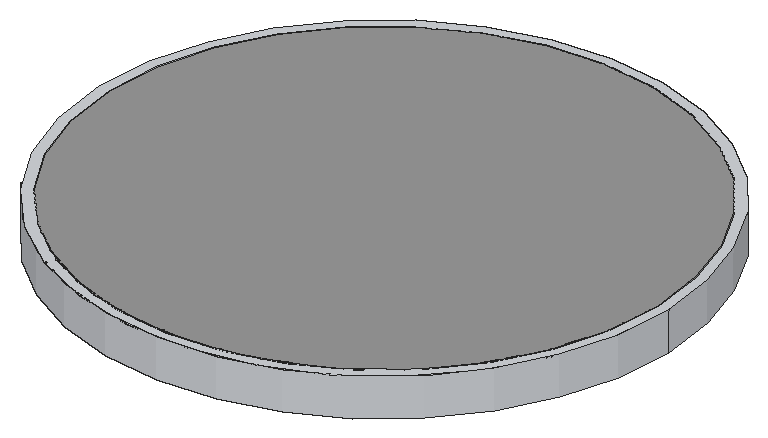
Revit family "2071246", category Lighting Fixtures, host Face, Revit 2018
Family settings
  Host = Face
  Round Connector Dimension = Use Diameter
  Part Type = Normal
  OmniClass Number = 23.80.70.00
  OmniClass Title = Lighting
  Cut with Voids When Loaded = No
  Light Source = Yes
  Shared = No
  Room Calculation Point = No
Parameters (values of type "2071246 COLOSSAL 900 840 PR DIR WHT DALI EM")
  iner diameter = 856 mm
  Weight = "n/a"
  Wattage Comments = ""
  Wattage = 30 W
  WarrantyStartDate [instance] = "n/a"
  WarrantyGuarantorParts = "n/a"
  WarrantyDurationUnit = "n/a"
  WarrantyDurationParts = ""
  WarrantyDescription = "http://www.sylvania-lighting.com"
  built-in parameter 1150110 = 1 (stored number, unit not read)
  Voltage = 230 V
  URL = "0.99"
  TypeName = "COLOSSAL 900mm 840 PRISM DIR WHITE DALI EM"
  Type Image = <None>
  Type Comments = "n/a"
  built-in parameter 1114217 = 1 (stored number, unit not read)
  Tilt Angle = -90.00°
  built-in parameter 1150109 = 1 (stored number, unit not read)
  built-in parameter 1150134 = (empty or 0)
  built-in parameter 1150113 = 1 (stored number, unit not read)
  SerialNumber [instance] = "n/a"
  Photometric Web File = "2071246.ies"
  Material_3_SYL = LED-Sylvania
  PowerFactor = 0
  PowerConsumption = "Lighting"
  NominalLength = 888 mm
  NominalHeight = 93 mm
  NominalDepth = 888 mm
  Name = "COLOSSAL 900mm 840 PRISM DIR WHITE DALI EM"
  ModelReference = Name  # "COLOSSAL 900mm 840 PRISM DIR WHITE DALI EM"
  ModelNumber = "2071246"
  Model = Name  # "COLOSSAL 900mm 840 PRISM DIR WHITE DALI EM"
  Material = "Feilo Sylvania"
  ManufacturerName = "136 lm/W"
  Manufacturer = ""
  LuminousEfficacy = ""
  built-in parameter 1150105 = 270.44 (stored number, unit not read)
  Lumens = 3398.4 lm
  LuminaireType = "0"
  built-in parameter 1150115 = 1 (stored number, unit not read)
  LightOutputRatio = "LED"
  built-in parameter 1150137 = (empty or 0)
  built-in parameter 1150139 = (empty or 0)
  LampsType = Lamp  # "n/a"
  LampNominalLuminous = "4000 K"
  LampMacAdamStep = "80"
  LampColourTemperature = "LED"
  LampColourRenderingIndex = "16500"
  built-in parameter 1150112 = 1 (stored number, unit not read)
  built-in parameter 1150114 = 1 (stored number, unit not read)
  Lamp = "n/a"
  Keynote = "n/a"
  InstallationDate [instance] = "n/a"
  InputVoltage = "0"
  InputNominalFrequency = "4000"
  built-in parameter 1150132 = (empty or 0)
  built-in parameter 1150102 = (empty or 0)
  built-in parameter 1150107 = 3000 (stored number, unit not read)
  built-in parameter 1150138 = (empty or 0)
  IngressProtection = "IfcLightFixtureType"
  ImpactProtectionIndex = "IfcLightFixtureType"
  built-in parameter 1150106 = 2.7044 (stored number, unit not read)
  IfcExportType = "IfcLightFixtureType"
  IfcExportAs = "Class I"
  Emit from Circle Diameter = 385 mm
  Emit Shape Visible in Rendering = no
  ElectricShockClassification = "136"
  built-in parameter 1150104 = 10.524 (stored number, unit not read)
  DocumentationLiterature = "http://www.sylvania-lighting.com/product/en-int/products/2071246"
  DimmingControlOptions = "n/a"
  Material_2_SYL = Polycarbonate_Sylvania_White
  Dimming Lamp Color Temperature Shift = <None>
  Description = "900mm diameter circular architectural luminaire, can be surface mounted or suspended. Powder coated aluminium housing (RAL9016) with PMMA prismatic diffuser. Direct light distribution, 8170lm luminuous flux, 60W system power, 136lm/W luminiaire efficacy. DALI dimmable. 3 hours integrated emergency. Colour rendering index Ra >80, 4000K Neutral White LED, chromaticity tolerance of 3-step MacAdam ellipse. IP40/IP20, IK03. 350mA drive current. UGR≤19. Electrical protection Class1, 220-240V. Reported lifetime 66k hours L90B10."
  Default Elevation = 1219.2 mm
  CreatedOn = "23/03/2022"
  CreatedBy = "@sylvania-lighting.com"
  Cost = 0
  Color Filter = 16777215
  built-in parameter 1114216 [instance] = (empty or 0)
  ClassificationValue = "EF_70_80"
  ClassificationName = "Uniclass2015"
  Material_1_SYL = Polycarbonate_Sylvania_Opal
  BarCode [instance] = "n/a"
  built-in parameter 1114218 = 1 (stored number, unit not read)
  built-in parameter 1150133 = 10 (stored number, unit not read)
  AssetType = "Fixed"
  AssetIdentifier [instance] = "n/a"
  Assembly Code = "D5020200"
  Apparent Load = 60 VA
  Material_4_SYL = none
Reference planes
  plane 1 "Center (Front/Back)": y = 0
  plane 2: z = 0
  plane 3 "Center (Left/Right)": x = 0
  plane 4: z = 1.161
  plane 5: z = 16.161
  plane 6: x = -444
  plane 7: x = 444
  plane 8: y = 444
  plane 9: y = -444
  plane 10: y = 236
  plane 11: y = -236
  plane 12: x = 85
  plane 13: x = -85
  plane 14: through (0, 0, 1219.2) normal (0.5, 0.866, 0)
  plane 15: through (42.5, 73.612, 1219.2) normal (0.5, 0.866, 0)
  plane 16: through (-42.5, -73.612, 1219.2) normal (0.5, 0.866, 0)
  plane 17: through (0, 0, 1219.2) normal (0.5, -0.866, 0)
  plane 18: through (-42.5, 73.612, 1219.2) normal (0.5, -0.866, 0)
  plane 19: through (42.5, -73.612, 1219.2) normal (0.5, -0.866, 0)
  plane 20: z = 93
  plane 21: y = 428
  plane 22: y = -428
Forms (mm)
  Extrusion 1, solid, detail levels medium+fine
    sketch origin (0, 0, 0) x (0.866025, -0.5, 0) y (0.5, 0.866025, 0)
      loop
        circle (-50, 86.603) r 22
    from 0 to 2
  Extrusion 2, solid, detail levels medium+fine
    sketch origin (0, 0, 0) x (0.866025, -0.5, 0) y (0.5, 0.866025, 0)
      loop
        circle (100, 0) r 22
      loop
        circle (-50, -86.603) r 22
    from 0 to 2
  Blend 3, solid, detail levels medium+fine
    base sketch origin (0, 0, 0) x (1, 0, 0) y (0, 1, 0)
      loop
        line (-85, 236) -> (-246.882, -44.388) -> (-161.882, -191.612) -> (161.882, -191.612) -> (246.882, -44.388) -> (85, 236) -> (-85, 236)
    top sketch origin (0, 0, 0) x (1, 0, 0) y (0, 1, 0)
      loop
        line (-85, 283.076) -> (-287.651, -67.926) -> (-207.792, -218.119) -> (207.792, -218.119) -> (292.5, -71.401) -> (85, 283.076) -> (-85, 283.076)
    from 0 to 33.022
  Extrusion 4, solid, detail levels medium+fine
    sketch origin (0, 0, 0) x (1, 0, 0) y (0, 1, 0)
      loop
        circle (0, 0) r 444
    from 33.022 to 93
  Extrusion 5, void
    sketch origin (0, 0, 0) x (1, 0, 0) y (0, 1, 0)
      loop
        circle (0, 0) r 428
    from 96.588 to 37.292
  Extrusion 6, solid, material "Glass, White, High Luminance", detail levels fine
    sketch origin (0, 0, 0) x (1, 0, 0) y (0, 1, 0)
      loop
        circle (0, 0) r 428
    from 87.991 to 93
  Extrusion 7, solid, detail levels coarse
    sketch origin (0, 0, 0) x (1, 0, 0) y (0, 1, 0)
      loop
        line (-444, 444) -> (-444, -444) -> (444, -444) -> (444, 444) -> (-444, 444)
    from 0 to 93.648
Cuts and joins
  Extrusion 5 cuts Extrusion 1
  Extrusion 5 cuts Extrusion 2
  Extrusion 5 cuts Blend 3
  Extrusion 5 cuts Extrusion 4
Lines and regions (mm)
  model lines, detail levels medium+fine
    curve 1: circle (0, 0, 0) r 100 normal (0, 0, 1)
Dimensions and locks
  "NominalDepth": plane 8 to plane 9
  plane 8 to plane 1 "Center (Front/Back)" to plane 9 = 444 mm, 444 mm
  "NominalLength": plane 6 to plane 7
  equal spacing: plane 6, plane 3 "Center (Left/Right)", plane 7
  "NominalHeight": level to plane 20
  "iner diameter": plane 21 to plane 22
  equal spacing: plane 21, plane 1 "Center (Front/Back)", plane 22
  aligned and locked: plane 2 to host face
  aligned and locked: level to host face
Automatic sketch dimensions
  host sketch curve to host sketch curve = 2438.4 mm  (x2)
  Extrusion 1 sketch curve to plane 3 "Center (Left/Right)" = 0 mm
  Extrusion 1 sketch curve to plane 1 "Center (Front/Back)" = 100 mm
  plane 1 "Center (Front/Back)" to Extrusion 2 sketch curve = 50 mm
  Extrusion 2 sketch curve to plane 3 "Center (Left/Right)" = 86.603 mm
  Extrusion 2 sketch curve to Extrusion 2 sketch curve = 150 mm
  Extrusion 2 sketch curve to Extrusion 2 sketch curve = 86.603 mm
  plane 1 "Center (Front/Back)" to curve 1 = 0 mm
  curve 1 to plane 3 "Center (Left/Right)" = 0 mm
  plane 18 to Blend 3 sketch curve = 0 mm  (x2)
  plane 19 to Blend 3 sketch curve = 0 mm  (x2)
  Blend 3 sketch curve to plane 10 = 0 mm
  Blend 3 sketch curve to plane 13 = 0 mm  (x2)
  Blend 3 sketch curve to plane 12 = 0 mm  (x2)
  Blend 3 sketch curve to plane 16 = 0 mm  (x2)
  Blend 3 sketch curve to plane 15 = 0 mm
  plane 11 to Blend 3 sketch curve = 44.388 mm
  plane 1 "Center (Front/Back)" to Blend 3 sketch curve = 44.388 mm  (x2)
  plane 11 to Blend 3 sketch curve = 17.881 mm
  plane 1 "Center (Front/Back)" to Blend 3 sketch curve = 67.926 mm
  plane 1 "Center (Front/Back)" to Blend 3 sketch curve = 71.401 mm
  Blend 3 sketch curve to plane 7 = 151.5 mm
  plane 10 to Blend 3 sketch curve = 47.076 mm
  plane 1 "Center (Front/Back)" to Extrusion 4 sketch curve = 0 mm
  Extrusion 4 sketch curve to plane 3 "Center (Left/Right)" = 0 mm
  plane 1 "Center (Front/Back)" to Extrusion 5 sketch curve = 0 mm
  Extrusion 5 sketch curve to plane 3 "Center (Left/Right)" = 0 mm
  plane 1 "Center (Front/Back)" to Extrusion 6 sketch curve = 0 mm
  Extrusion 6 sketch curve to plane 3 "Center (Left/Right)" = 0 mm
  Extrusion 7 sketch curve to plane 6 = 0 mm
  Extrusion 7 sketch curve to plane 7 = 0 mm
  Extrusion 7 sketch curve to plane 9 = 0 mm
  Extrusion 7 sketch curve to plane 8 = 0 mm
  radius of Extrusion 1 sketch curve = 22 mm
  radius of Extrusion 2 sketch curve = 22 mm  (x2)
  radius of curve 1 = 100 mm
  radius of Extrusion 4 sketch curve = 444 mm
  radius of Extrusion 5 sketch curve = 428 mm
  radius of Extrusion 6 sketch curve = 428 mm
Connectors
  electrical at (0, 0, 0), driven by "Apparent Load", driven by "PowerFactor", driven by "Voltage"
    settings: index 1, voltage 230 V, apparent load 60 VA, apparent load phase1 0 VA, apparent load phase2 0 VA, apparent load phase3 0 VA, power factor 0, load classification "Lighting", number of poles 1, system type 30, power factor state 1, is connector primary yes, connector utility no, sub classification motor no, connector description ""
